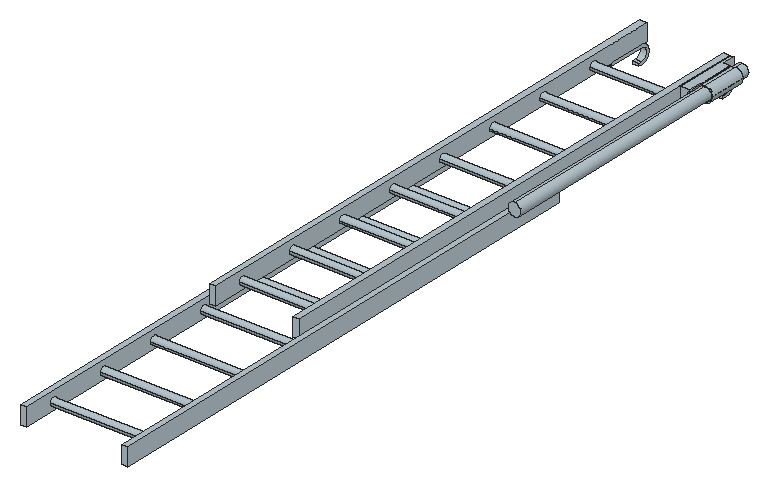
Revit family "NLRS_33_GM_FB_TC_STORAX_vloerluikladder_DLL-IH2", category Generic Models, host Face, Revit 2015
Parameters (values of type "DLL-IH2/305")
  uitschuifbare leuning = true  # yes
  true = yes
  slotbeugel = yes
  productgroep = "Dakluiken"  # constant formula
  omschrijving = "dakluikladder"  # constant formula
  normering = "NEN 2484/EN 131"  # constant formula
  modeler = "Bouwconnect"  # constant formula
  materiaal = bcb_aluminium
  lengte ladderdeel = 2150 mm
  inhaakbeugel en weghangbakje = true  # yes
  hoogte = 3050 mm
  garantietermijn in jaren = 5  # constant formula
  false = not(true)  # no
  conservering = "brut"  # constant formula
  code productgroep = "LUI"  # constant formula
  breedte ladderdeel 2 = 360 mm  # constant formula
  breedte ladderdeel 1 = 430 mm  # constant formula
  belasting totaal = 150.00 kg  # constant formula
  antislip profilering = true  # yes
  aantal sporten = 8
  URL = "http://www.storax.nl/producten/Staal/274/BV-FL-THERMO"
  Model = "DLL-IH"  # constant formula
  Manufacturer = "Storax"  # constant formula
  Default Elevation = 0 mm  # constant formula
Types (5, lengths in mm): name | lengte ladderdeel | hoogte | aantal sporten
  (no name) | 2150 | 3050 | 8
  DLL-IH2/305 | 2150 | 3050 | 8
  DLL-IH2/345 | 2400 | 3450 | 9
  DLL-IH2/395 | 2650 | 3950 | 10
  DLL-IH2/490 | 3150 | 4900 | 12
Reference planes
  plane 1 "Center (Front/Back)": y = 0
  plane 2: z = 0
  plane 3 "Center (Left/Right)": x = 0
  plane 4 "deel 2": z = 50
  plane 5: y = 3050
Dimensions and locks
  plane 4 "deel 2" to plane 2 = 50 mm
  "hoogte": plane 5 to plane 1 "Center (Front/Back)"
  aligned and locked: plane 2 to host face
  aligned and locked: level to host face
  aligned and locked: plane 1 "Center (Front/Back)" to nested 1
  aligned and locked: plane 3 "Center (Left/Right)" to nested 1
  aligned and locked: plane 3 "Center (Left/Right)" to nested 2
  aligned and locked: nested 2 to nested 3
  aligned and locked: nested 2 to plane 5
Automatic sketch dimensions
  host sketch curve to host sketch curve = 1500 mm
  host sketch curve to host sketch curve = 3400 mm
Nested families
  nested 1: "NLRS_33_GM_FB_TC_STORAX_vloerluik_DLL-IH_ladderdeel" at (0, 0, 0), breedte <- "breedte ladderdeel 1", hoogte <- "lengte ladderdeel", aantal sporten <- "aantal sporten", type "NLRS_33_GM_FB_TC_STORAX_vloerluik_DLL-IH_ladderdeel"
    with hoogte 2150 mm, haken no, breedte 430 mm, afstand sport 1 130 mm, afstand sport 250 mm, aantal sporten 8
  nested 2: "NLRS_33_GM_FB_TC_STORAX_vloerluik_DLL-IH_ladderdeel" at (0, 900, 50), breedte <- "breedte ladderdeel 2", hoogte <- "lengte ladderdeel", aantal sporten <- "aantal sporten", type "NLRS_33_GM_FB_TC_STORAX_vloerluik_DLL-IH_ladderdeel"
    with hoogte 2150 mm, haken yes, breedte 360 mm, afstand sport 1 130 mm, afstand sport 250 mm, aantal sporten 8
  nested 3: "NLRS_33_GM_FB_TC_STORAX_vloerluik_DLL-IH_leuning" at (180, 3050, 90) x (0, 0, -1) z (1, 0, 0), type "NLRS_33_GM_FB_TC_STORAX_vloerluik_DLL-IH_leuning"
Definition of nested family "NLRS_33_GM_FB_TC_STORAX_vloerluik_DLL-IH_ladderdeel"
  Parameters (values of type "NLRS_33_GM_FB_TC_STORAX_vloerluik_DLL-IH_ladderdeel")
    productgroep = "Dakluiken"  # constant formula
    omschrijving = "dakluikladder"  # constant formula
    normering = "EN-1090"  # constant formula
    modeler = "Bouwconnect"  # constant formula
    materiaal = none
    hoogte [instance] = 2500 mm
    haken [instance] = yes
    garantietermijn in jaren = 5  # constant formula
    code productgroep = "LUI"  # constant formula
    breedte [instance] = 430 mm
    afstand sport 1 [instance] = 125 mm
    afstand sport [instance] = 250 mm
    aantal sporten [instance] = 10
    URL = "http://www.storax.nl/producten/Staal/274/BV-FL-THERMO"
    Model = "DLL-IH"  # constant formula
    Manufacturer = "Storax"  # constant formula
    Default Elevation = 0 mm  # constant formula
  Reference planes
    plane 1 "Center (Front/Back)": y = 0
    plane 2: z = 0
    plane 3 "Center (Left/Right)": x = 0
    plane 4: x = 215
    plane 5: x = -215
    plane 6: x = 190
    plane 7: x = -190
    plane 8: y = 125
    plane 9: y = 375
    plane 10: y = 2500
    plane 11: y = 2375
  Forms (mm)
    Extrusion 1, solid, not visible
      sketch origin (0, 0, 0) x (1, 0, 0) y (0, 1, 0)
        loop
          line (-2490.5, 3400) -> (-2490.5, -2478.769) -> (2053.963, -2478.769) -> (2053.963, 3400) -> (-2490.5, 3400)
      from 0 to -100
    Extrusion 2, solid, material <- "materiaal"
      sketch origin (0, 0, 0) x (0, 1, 0) y (0, 0, 1)
        loop
          line (0, 70) -> (0, 0) -> (2500, 0) -> (2500, 70) -> (0, 70)
      from 190 to 215
    Extrusion 3, solid, material <- "materiaal"
      sketch origin (0, 0, 0) x (0, 1, 0) y (0, 0, 1)
        loop
          line (0, 70) -> (0, 0) -> (2500, 0) -> (2500, 70) -> (0, 70)
      from -215 to -190
    Extrusion 4, solid, material <- "materiaal", visible <- "haken"
      sketch origin (0, 0, 0.429) x (0, 1, 0) y (0, 0, 1)
        loop
          line (2327.272, -10.429) -> (2477.272, -10.429)
          arc (2477.272, -10.429) -> (2502.272, -35.429) -> (2477.272, -60.429) r 25
          line (2477.272, -60.429) -> (2462.272, -60.429) -> (2462.272, -70.429) -> (2477.272, -70.429)
          arc (2477.272, -70.429) -> (2512.272, -35.429) -> (2477.272, -0.429) r 35
          line (2477.272, -0.429) -> (2327.272, -0.429) -> (2327.272, -10.429)
      from 190 to 215
    Extrusion 5, solid, material <- "materiaal", visible <- "haken"
      sketch origin (0, 0, 0.429) x (0, 1, 0) y (0, 0, -1)
        loop
          line (2327.272, 10.429) -> (2327.272, 0.429) -> (2477.272, 0.429)
          arc (2477.272, 0.429) -> (2512.272, 35.429) -> (2477.272, 70.429) r 35
          line (2477.272, 70.429) -> (2462.272, 70.429) -> (2462.272, 60.429) -> (2477.272, 60.429)
          arc (2477.272, 60.429) -> (2502.272, 35.429) -> (2477.272, 10.429) r 25
          line (2477.272, 10.429) -> (2327.272, 10.429)
      from 190 to 215
  Dimensions and locks
    "breedte": plane 5 to plane 4
    equal spacing: plane 5, plane 3 "Center (Left/Right)", plane 4
    locked: plane 5 to plane 7 at 25
    locked: plane 6 to plane 4 at 25
    "afstand sport": plane 9 to plane 8
    "afstand sport 1": plane 1 "Center (Front/Back)" to plane 8
    "hoogte": plane 1 "Center (Front/Back)" to plane 10
    locked: plane 11 to plane 10 at 125
    equal spacing: group 1, group 2, group 3, group 4, group 5, group 6, group 7, group 8, group 9, group 10  (x3)
    aligned and locked: Extrusion 1 to plane 2
    aligned and locked: Extrusion 1 to level
    aligned and locked: plane 4 to Extrusion 2
    aligned and locked: Extrusion 2 to plane 6
    aligned and locked: Extrusion 3 to plane 5
    aligned and locked: Extrusion 3 to plane 7
    aligned and locked: nested 1 to plane 8
    aligned and locked: plane 3 "Center (Left/Right)" to nested 1
    aligned and locked: Extrusion 3 to plane 10
    aligned and locked: Extrusion 2 to plane 10
    aligned and locked: plane 4 to Extrusion 4
    aligned and locked: Extrusion 4 to plane 6
    aligned and locked: Extrusion 5 to plane 7
    aligned and locked: Extrusion 5 to plane 5
    aligned and locked: nested 2 to plane 9
  Automatic sketch dimensions
    Extrusion 1 sketch curve to Extrusion 1 sketch curve = 4544.463 mm
    Extrusion 1 sketch curve to Extrusion 1 sketch curve = 5878.769 mm
    Extrusion 2 sketch curve to plane 1 "Center (Front/Back)" = 0 mm
    level to Extrusion 2 sketch curve = 0 mm
    Extrusion 2 sketch curve to plane 10 = 0 mm
    level to Extrusion 2 sketch curve = 70 mm
    Extrusion 3 sketch curve to level = 0 mm
    Extrusion 3 sketch curve to plane 1 "Center (Front/Back)" = 0 mm
    Extrusion 3 sketch curve to plane 10 = 0 mm
    Extrusion 3 sketch curve to Extrusion 3 sketch curve = 70 mm
    Extrusion 4 sketch curve to Extrusion 4 sketch curve = 0 mm  (x2)
    level to Extrusion 4 sketch curve = 0 mm
    plane 11 to Extrusion 4 sketch curve = 47.728 mm
    plane 10 to Extrusion 4 sketch curve = 37.728 mm
    plane 10 to Extrusion 4 sketch curve = 22.728 mm
    Extrusion 4 sketch curve to Extrusion 4 sketch curve = 10 mm
    Extrusion 4 sketch curve to Extrusion 4 sketch curve = 25 mm
    Extrusion 5 sketch curve to Extrusion 5 sketch curve = 0 mm  (x2)
    Extrusion 5 sketch curve to level = 0 mm
    plane 11 to Extrusion 5 sketch curve = 47.728 mm
    plane 10 to Extrusion 5 sketch curve = 37.728 mm
    plane 10 to Extrusion 5 sketch curve = 22.728 mm
    Extrusion 5 sketch curve to Extrusion 5 sketch curve = 10 mm
    Extrusion 5 sketch curve to Extrusion 5 sketch curve = 25 mm
  Nested families
    nested 1: "NLRS_33_GM_FB_TC_STORAX_vloerluik_DLL-IH_sport" at (0, 125, 0), type "NLRS_33_GM_FB_TC_STORAX_vloerluik_DLL-IH_sport"
      with breedte 430 mm
    nested 2: "NLRS_33_GM_FB_TC_STORAX_vloerluik_DLL-IH_sport" at (0, 375, 0), type "NLRS_33_GM_FB_TC_STORAX_vloerluik_DLL-IH_sport"
      with breedte 430 mm
    nested 3: "NLRS_33_GM_FB_TC_STORAX_vloerluik_DLL-IH_sport" at (0, 625, 0), type "NLRS_33_GM_FB_TC_STORAX_vloerluik_DLL-IH_sport"
      with breedte 430 mm
    nested 4: "NLRS_33_GM_FB_TC_STORAX_vloerluik_DLL-IH_sport" at (0, 875, 0), type "NLRS_33_GM_FB_TC_STORAX_vloerluik_DLL-IH_sport"
      with breedte 430 mm
    nested 5: "NLRS_33_GM_FB_TC_STORAX_vloerluik_DLL-IH_sport" at (0, 1125, 0), type "NLRS_33_GM_FB_TC_STORAX_vloerluik_DLL-IH_sport"
      with breedte 430 mm
    nested 6: "NLRS_33_GM_FB_TC_STORAX_vloerluik_DLL-IH_sport" at (0, 1375, 0), type "NLRS_33_GM_FB_TC_STORAX_vloerluik_DLL-IH_sport"
      with breedte 430 mm
    nested 7: "NLRS_33_GM_FB_TC_STORAX_vloerluik_DLL-IH_sport" at (0, 1625, 0), type "NLRS_33_GM_FB_TC_STORAX_vloerluik_DLL-IH_sport"
      with breedte 430 mm
    nested 8: "NLRS_33_GM_FB_TC_STORAX_vloerluik_DLL-IH_sport" at (0, 1875, 0), type "NLRS_33_GM_FB_TC_STORAX_vloerluik_DLL-IH_sport"
      with breedte 430 mm
    nested 9: "NLRS_33_GM_FB_TC_STORAX_vloerluik_DLL-IH_sport" at (0, 2125, 0), type "NLRS_33_GM_FB_TC_STORAX_vloerluik_DLL-IH_sport"
      with breedte 430 mm
    nested 10: "NLRS_33_GM_FB_TC_STORAX_vloerluik_DLL-IH_sport" at (0, 2375, 0), type "NLRS_33_GM_FB_TC_STORAX_vloerluik_DLL-IH_sport"
      with breedte 430 mm
  Definition of nested family "NLRS_33_GM_FB_TC_STORAX_vloerluik_DLL-IH_sport"
    Parameters (values of type "NLRS_33_GM_FB_TC_STORAX_vloerluik_DLL-IH_sport")
      productgroep = "Dakluiken"  # constant formula
      omschrijving = "dakluikladder"  # constant formula
      modeler = "Bouwconnect"  # constant formula
      materiaal = none
      garantietermijn in jaren = 5  # constant formula
      code productgroep = "LUI"  # constant formula
      breedte = 500 mm
      URL = "http://www.storax.nl/producten/Staal/274/BV-FL-THERMO"
      Model = "DLL-IH"  # constant formula
      Manufacturer = "Storax"  # constant formula
      Default Elevation = 0 mm  # constant formula
    Reference planes
      plane 1 "Center (Front/Back)": y = 0
      plane 2: z = 0
      plane 3 "Center (Left/Right)": x = 0
      plane 4: x = 250
      plane 5: x = -250
      plane 6: x = 225
      plane 7: x = -225
    Forms (mm)
      Extrusion 1, solid, not visible
        sketch origin (0, 0, 0) x (1, 0, 0) y (0, 1, 0)
          loop
            line (-2490.5, 3400) -> (-2490.5, -2478.769) -> (2053.963, -2478.769) -> (2053.963, 3400) -> (-2490.5, 3400)
        from 0 to -100
      Extrusion 2, solid, material <- "materiaal"
        sketch origin (0, -125, 0) x (0, 1, 0) y (0, 0, 1)
          loop
            circle (125, 35) r 15
        from -225 to 225
    Dimensions and locks
      "breedte": plane 5 to plane 4
      equal spacing: plane 5, plane 3 "Center (Left/Right)", plane 4
      locked: plane 5 to plane 7 at 25
      locked: plane 6 to plane 4 at 25
      aligned and locked: Extrusion 1 to plane 2
      aligned and locked: Extrusion 1 to level
      aligned and locked: plane 7 to Extrusion 2
      aligned and locked: Extrusion 2 to plane 7  (x2)
      aligned and locked: plane 6 to Extrusion 2
      aligned and locked: Extrusion 2 to plane 6
    Automatic sketch dimensions
      Extrusion 1 sketch curve to Extrusion 1 sketch curve = 4544.463 mm
      Extrusion 1 sketch curve to Extrusion 1 sketch curve = 5878.769 mm
      level to Extrusion 2 sketch curve = 35 mm
      Extrusion 2 sketch curve to plane 1 "Center (Front/Back)" = 0 mm
      radius of Extrusion 2 sketch curve = 15 mm
Definition of nested family "NLRS_33_GM_FB_TC_STORAX_vloerluik_DLL-IH_leuning"
  Parameters (values of type "NLRS_33_GM_FB_TC_STORAX_vloerluik_DLL-IH_balustrade")
    uitgeschoven = 1145 mm
    productgroep = "Dakluiken"  # constant formula
    omschrijving = "dakluikladder"  # constant formula
    normering = "EN-1090"  # constant formula
    modeler = "Bouwconnect"  # constant formula
    materiaal = none
    garantietermijn in jaren = 10  # constant formula
    code productgroep = "LUI"  # constant formula
    URL = "http://www.storax.nl/producten/Staal/274/BV-FL-THERMO"
    Model = "DLL-IH"  # constant formula
    Manufacturer = "Storax"  # constant formula
    Default Elevation = 0 mm  # constant formula
  Reference planes
    plane 1 "Center (Front/Back)": y = 0
    plane 2: z = 0
    plane 3 "Center (Left/Right)": x = 0
    plane 4: y = -1145
    plane 5: y = -10
  Forms (mm)
    Extrusion 1, solid, not visible
      sketch origin (-209.5, -3090, 0) x (1, 0, 0) y (0, 1, 0)
        loop
          line (-50.5, 3400) -> (-50.5, 1850.477) -> (543.877, 1850.477) -> (543.877, 3400) -> (-50.5, 3400)
      from 0 to -100
    Extrusion 2, solid, material <- "materiaal"
      sketch origin (-287.97, 0, 0) x (0, -1, 0) y (0, 0, 1)
        loop
          line (0, 0) -> (250, 0) -> (250, 40) -> (50, 40) -> (50, 15) -> (0, 15) -> (0, 0)
      from -317.97 to -257.97
    Extrusion 3, solid, material <- "materiaal"
      sketch origin (30, 0, 0) x (0, 0, 1) y (-1, 0, 0)
        loop
          line (40, 60) -> (40, 58) -> (60, 58)
          arc (60, 58) -> (88, 30) -> (60, 2) r 28
          line (60, 2) -> (40, 2) -> (40, 0) -> (60, 0)
          arc (60, 0) -> (90, 30) -> (60, 60) r 30
          line (60, 60) -> (40, 60)
      from 50.163 to 200
    Extrusion 4, void
      sketch origin (30, 0, 0) x (0, 0, 1) y (-1, 0, 0)
        loop
          arc (55, 58) -> (27, 30) -> (55, 2) r 28
          line (55, 2) -> (55, 58)
      from 0 to 250
    Extrusion 5, solid, material <- "materiaal"
      sketch origin (0, 0, 0) x (1, 0, 0) y (0, 0, 1)
        loop
          circle (0, 55) r 25
      from 10 to 1145
  Cuts and joins
    Extrusion 4 cuts Extrusion 2
    joined: Extrusion 2, Extrusion 3
  Dimensions and locks
    locked: plane 4 to plane 5 at 1135
    "uitgeschoven": plane 4 to plane 1 "Center (Front/Back)"
    aligned and locked: plane 2 to Extrusion 1
    aligned and locked: level to Extrusion 1
    aligned and locked: plane 4 to Extrusion 5
    aligned and locked: Extrusion 5 to plane 5
  Automatic sketch dimensions
    Extrusion 1 sketch curve to Extrusion 1 sketch curve = 594.377 mm
    Extrusion 1 sketch curve to Extrusion 1 sketch curve = 1549.523 mm
    Extrusion 2 sketch curve to level = 0 mm
    Extrusion 2 sketch curve to plane 1 "Center (Front/Back)" = 0 mm
    plane 5 to Extrusion 2 sketch curve = 40 mm
    Extrusion 2 sketch curve to Extrusion 2 sketch curve = 200 mm
    Extrusion 2 sketch curve to Extrusion 2 sketch curve = 15 mm
    Extrusion 2 sketch curve to Extrusion 2 sketch curve = 40 mm
    Extrusion 3 sketch curve to Extrusion 3 sketch curve = 0 mm  (x2)
    Extrusion 3 sketch curve to plane 3 "Center (Left/Right)" = 0 mm
    level to Extrusion 3 sketch curve = 40 mm  (x2)
    Extrusion 3 sketch curve to Extrusion 3 sketch curve = 20 mm
    plane 3 "Center (Left/Right)" to Extrusion 3 sketch curve = 28 mm
    Extrusion 3 sketch curve to Extrusion 3 sketch curve = 2 mm
    Extrusion 4 sketch curve to plane 3 "Center (Left/Right)" = 0 mm
    level to Extrusion 4 sketch curve = 55 mm
    plane 3 "Center (Left/Right)" to Extrusion 4 sketch curve = 28 mm
    Extrusion 5 sketch curve to plane 3 "Center (Left/Right)" = 0 mm
    level to Extrusion 5 sketch curve = 55 mm
    radius of Extrusion 5 sketch curve = 25 mm
